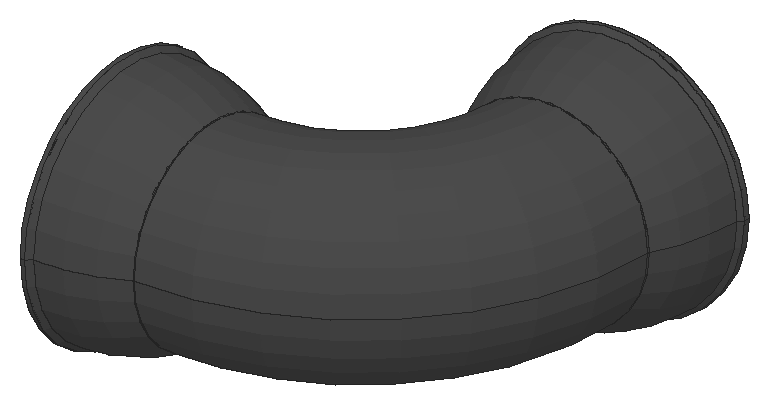
Revit family "Duc_JGS_Curvas", category Pipe Fittings, Revit 2025
Family settings
  Round Connector Dimension = Use Diameter
  Part Type = Elbow
  Work Plane-Based = No
  Always vertical = Yes
  Cut with Voids When Loaded = No
  Shared = Yes
Parameters
  Nominal Radius [instance] = Nominal Diameter / 2  # 100.0 mm
  Nominal Diameter [instance] = 200.0 mm
  Material_Conexao [instance] = FOFO
  Manufacturer = "SGC"
  Loss Method = Not Defined
  Tabela [instance] = "Duc_JGS_Curvas"
  Description = "Curvas de FoFo"
  Default Elevation = 0.0 mm
  Corpo_R [instance] = if(Corpo_A = 90.00°, Corpo_L, Corpo_L / tan(A2))  # 220.0 mm
  Corpo_L [instance] = size_lookup(Tabela, "Corpo_L", 120.0 mm, Nominal Diameter, Angle)  # 220.0 mm
  EK7 [instance] = size_lookup(Tabela, "EK7", 5.2 mm, Nominal Diameter)  # 5.4 mm
  Corpo_DE1 [instance] = Bolsa_DE1 + EK7  # 116.4 mm
  Corpo_A [instance] = size_lookup(Tabela, "Corpo_A", 90.00°, Nominal Diameter, Angle)  # 90.00°
  Bolsa_P1 [instance] = size_lookup(Tabela, "Bolsa_P", 94.5 mm, Nominal Diameter)  # 106.5 mm
  Bolsa_DI1 [instance] = size_lookup(Tabela, "Bolsa_DI", 121.0 mm, Nominal Diameter) / 2  # 112.5 mm
  Bolsa_DE1 [instance] = size_lookup(Tabela, "Bolsa_DE", 118.0 mm, Nominal Diameter) / 2  # 111.0 mm
  Bolsa_B1 [instance] = size_lookup(Tabela, "Bolsa_B", 168.0 mm, Nominal Diameter) / 2  # 148.0 mm
  Angle [instance] = 90.00°
  A2 [instance] = Angle / 2  # 45.00°
Reference planes
  plane 1 "Center (Front/Back)": y = 0
  plane 2: z = 0
  plane 3 "Center (Left/Right)": x = -120
  plane 4: x = -340
  plane 5: y = 220
Forms (mm)
  Sweep 1, solid, material "FOFO" <- "Material_Conexao"
    path origin (0, 0, 0) x (1, 0, 0) y (0, 1, 0)
      loop
        arc (-340, 0) -> (-184.437, 64.437) -> (-120, 220) r 220
    profile origin (-184.437, 64.437, 0) x (-0.707107, 0.707107, 0) y (0, 0, 1)
      loop
        circle (0, 0) r 116.4
Lines and regions (mm)
  reference lines
    curve 1: line (-340, 0, 0) -> (-120, 0, 0)
    curve 2: line (-120, 0, 0) -> (-120, 220, 0)
Dimensions and locks
  "Corpo_L": plane 4 to plane 3 "Center (Left/Right)"
  "Corpo_R": plane 5 to plane 1 "Center (Front/Back)"
  locked: nested 1 to Sweep 1
  "Corpo_L": curve 1 to curve 1
  "Corpo_L": curve 2 to curve 2
  "Corpo_R": radius of Sweep 1 sketch curve
  "Corpo_DE1": radius of Sweep 1 sketch curve
  "Angle": angle Sweep 1 sketch curve to Sweep 1 sketch curve
  "Angle": angle plane 1 "Center (Front/Back)" to curve 2
  "Angle": angle plane 1 "Center (Front/Back)" to nested 2
  aligned and locked: Sweep 1 sketch curve to plane 4
  aligned and locked: plane 3 "Center (Left/Right)" to curve 2
  aligned and locked: plane 1 "Center (Front/Back)" to curve 2
  aligned and locked: Sweep 1 to curve 2
  aligned and locked: Sweep 1 to nested 2
  aligned and locked: curve 2 to nested 2
Automatic sketch dimensions
  plane 1 "Center (Front/Back)" to Sweep 1 sketch curve = 0.0 mm
  Sweep 1 sketch curve to level = 0.0 mm
  Sweep 1 sketch curve to profile plane = 0.0 mm
Nested families
  nested 1: "Duc_JGS_Bolsas" at (2278.25, 0, 0) x (-1, 0, 0) z (0, 0, 1), Nominal Radius <- "Nominal Radius", type "Duc_JGS_Bolsas"
    with Tabela "Duc_JGS_Bolsas", Nominal Radius 100.0 mm, Nominal Diameter 200.0 mm, EK7 5.4 mm, Borde2 10.8 mm, Borde1 5.4 mm, Bolsa_P 106.5 mm, Bolsa_DI 112.5 mm, Bolsa_DE1 116.4 mm, Bolsa_DE 111.0 mm, Bolsa_B 148.0 mm
  nested 2: "Duc_JGS_Bolsas" at (-120, -2398.25, 0) x (0, 1, 0) z (0, 0, 1), Nominal Radius <- "Nominal Radius", type "Duc_JGS_Bolsas"
    with Tabela "Duc_JGS_Bolsas", Nominal Radius 100.0 mm, Nominal Diameter 200.0 mm, EK7 5.4 mm, Borde2 10.8 mm, Borde1 5.4 mm, Bolsa_P 106.5 mm, Bolsa_DI 112.5 mm, Bolsa_DE1 116.4 mm, Bolsa_DE 111.0 mm, Bolsa_B 148.0 mm
Connectors
  piping at (-120, 220, 0), diameter 200, driven by "Nominal Diameter", driven by "Angle"
    settings: on Sweep 1, index 1, connector inside diameter 609.6 mm, connector length 0.0 mm, flow factor 0, pipe flow 0 GPM, pressure drop 0.00 psi, fitting loss kfactor 0, connector angle 90.00°, fixture units 0, engagement length 0.0 mm, angle of deflection 0.00°, flow configuration 0, flow direction 0, fitting loss method 0, system type 28, joint type 0, gender type 0, connector reference index -1, connector utility 0, adjustable connector no, is connector primary yes, connector description ""
  piping at (-340, 0, 0), diameter 200, driven by "Nominal Diameter", driven by "Angle"
    settings: on Sweep 1, index 2, connector inside diameter 609.6 mm, connector length 0.0 mm, flow factor 0, pipe flow 0 GPM, pressure drop 0.00 psi, fitting loss kfactor 0, connector angle 90.00°, fixture units 0, engagement length 0.0 mm, angle of deflection 0.00°, flow configuration 0, flow direction 0, fitting loss method 0, system type 28, joint type 0, gender type 0, connector reference index -1, connector utility 0, adjustable connector no, is connector primary no, connector description ""
Definition of nested family "Duc_JGS_Bolsas"
  Parameters (values of type "Duc_JGS_Bolsas")
    Tabela [instance] = "Duc_JGS_Bolsas"
    Nominal Radius [instance] = Nominal Diameter / 2  # 75.0 mm
    Nominal Diameter [instance] = 150.0 mm
    Manufacturer = "SGC"
    Loss Method = 1
    K Coefficient Table = "Tee"
    EK7 [instance] = size_lookup(Tabela, "EK7", 5.2 mm, Nominal Diameter)  # 5.2 mm
    Description = "Bolsas JGS - JTI - JTE"
    Material_Conexao = none
    Default Elevation = 0.0 mm
    Borde2 [instance] = EK7 * 2  # 10.4 mm
    Borde1 [instance] = EK7  # 5.2 mm
    Bolsa_DE1 [instance] = Bolsa_DE + EK7  # 90.2 mm
    Bolsa_P [instance] = size_lookup(Tabela, "Bolsa_P", 94.5 mm, Nominal Diameter)  # 100.5 mm
    Bolsa_DI [instance] = size_lookup(Tabela, "Bolsa_DI", 60.5 mm, Nominal Diameter) / 2  # 86.5 mm
    Bolsa_DE [instance] = size_lookup(Tabela, "Bolsa_DE", 59.0 mm, Nominal Diameter) / 2  # 85.0 mm
    Bolsa_B [instance] = size_lookup(Tabela, "Bolsa_B", 118.0 mm, Nominal Diameter) / 2  # 121.5 mm
  Reference planes
    plane 1 "Center (Front/Back)": y = 0
    plane 2: z = 0
    plane 3 "Center (Left/Right)": x = 2618.25
    plane 4: x = 2718.75
    plane 5: y = 121.5
    plane 6: y = 86.5
    plane 7: y = 85
    plane 8: y = 90.2
  Forms (mm)
    Revolve 1, solid, material <- "Material_Conexao"
      sketch origin (0, 0, 0) x (1, 0, 0) y (0, 1, 0)
        loop
          line (2618.25, 86.5) -> (2713.55, 86.5) -> (2718.75, 91.7) -> (2718.75, 121.5) -> (2713.55, 121.5) -> (2708.35, 116.3)
          arc (2708.35, 116.3) -> (2661.503, 109.454) -> (2618.25, 90.2) r 173.511
          line (2618.25, 90.2) -> (2617.25, 90.2) -> (2617.25, 85) -> (2618.25, 85) -> (2618.25, 86.5)
        axis (2617.25, 0) -> (2718.75, 0)
      angle from 0 to 360
  Lines and regions (mm)
    model lines
      curve 1: line (2618.25, 0, 200.5) -> (2618.25, 0, -200.5)
      curve 3: line (2618.25, 0, 0) -> (2718.75, 0, 0)
    reference lines
      curve 2: line (2618.25, 0, 0) -> (2718.75, 0, 0)
  Dimensions and locks
    "Borde1": Revolve 1 sketch curve to Revolve 1 sketch curve  (x4)
    "Borde2": Revolve 1 sketch curve to Revolve 1 sketch curve
    "Borde1": Revolve 1 sketch curve to plane 8
    "Bolsa_B": plane 5 to plane 1 "Center (Front/Back)"
    "Bolsa_DI": plane 6 to plane 1 "Center (Front/Back)"
    "Bolsa_DE": plane 7 to plane 1 "Center (Front/Back)"
    "Bolsa_DE1": plane 8 to plane 1 "Center (Front/Back)"
    "Bolsa_P": plane 3 "Center (Left/Right)" to plane 4
    locked: Revolve 1 sketch curve to Revolve 1 sketch curve at 1
    aligned and locked: plane 5 to Revolve 1 sketch curve
    aligned and locked: Revolve 1 sketch curve to plane 6
    aligned and locked: Revolve 1 sketch curve to plane 3 "Center (Left/Right)"
    aligned and locked: plane 1 "Center (Front/Back)" to curve 2
    aligned and locked: curve 2 to plane 3 "Center (Left/Right)"
    aligned and locked: plane 4 to curve 2
    aligned and locked: curve 3 to curve 2
  Automatic sketch dimensions
    curve 1 to plane 1 "Center (Front/Back)" = 0.0 mm
    curve 1 to level = 200.5 mm
    level to curve 1 = 200.5 mm
    curve 3 to plane 3 "Center (Left/Right)" = 0.0 mm
    curve 3 to plane 4 = 0.0 mm
    Revolve 1 sketch curve to plane 1 "Center (Front/Back)" = 0.0 mm
    Revolve 1 sketch curve to plane 3 "Center (Left/Right)" = 0.0 mm  (x2)
    Revolve 1 sketch curve to plane 4 = 0.0 mm
    Revolve 1 sketch curve to plane 8 = 0.0 mm
    Revolve 1 sketch curve to plane 4 = 8.97 mm
    plane 4 to Revolve 1 sketch curve = 1.322 mm
